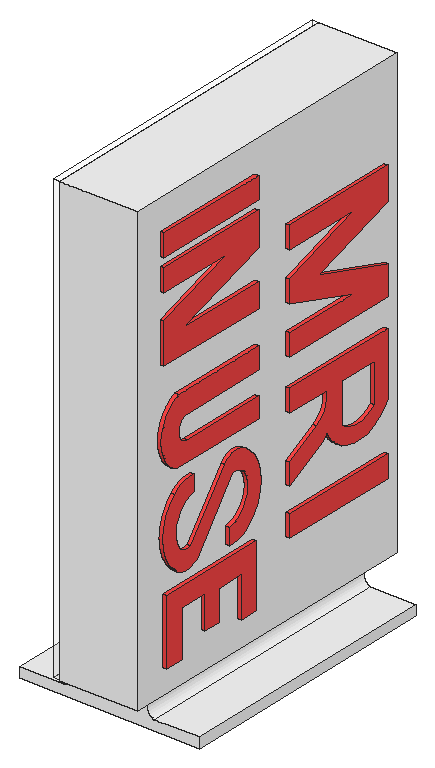
Revit family "OBN_End", category Lighting Fixtures, host Face, Revit 2021
Family settings
  Host = Face
  Round Connector Dimension = Use Diameter
  Part Type = Normal
  OmniClass Number = 23.80.70.11.21
  OmniClass Title = Emergency Lighting
  Cut with Voids When Loaded = No
  Light Source = No
  Shared = No
  Room Calculation Point = No
Parameters (values of type "OBN")
  zz Length 1 [instance] = 0.200"
  Watts = 3.72 W
  Wattage Comments = "3.72 W"
  Warranty = "Fixture: 5 Years Full; Battery: 2 Years Full, 8 Years Pro-Rata"  # constant formula
  Wall Plate Material = Black
  Voltage [instance] = if(Is 120VAC, 120 V, 277 V)  # 120 V
  URL = "https://www.currentlighting.com/lifeshield"
  Type Comments = "Exit Light"  # constant formula
  Single Side = yes
  Product Page URL = ""
  Product Documentation Link = ""
  Model = "CLS"
  Manufacturer = "Lifeshield"  # constant formula
  Load Classification = Lighting
  Lens = Red Glass
  Lamp = "LED Lamp"  # constant formula
  Is 277VAC [instance] = not(Is 120VAC)  # no
  Is 120VAC [instance] = yes
  Holder Material = Steel
  Glass = Glass
  Finish = White
  Features = "The LED panel is designed to provide bright and uniform illumination across the panel face\r\nA variety of standard messages can be selected with either red or green letters. Custom messages are available upon request\r\nExtruded aluminum body with die cast corners available in either a white or black finish\r\nObsidian is provided ready for surface, ceiling, end or wall-mounting with included canopy accessory, can also be recessed mounted with optional mounting kit\r\nLED life-cycle exceeding 10 years"  # constant formula
  End = End : C1
  Double Side = yes
  Description = "The Obsidian Message Sign provides a reliable method to communicate critical messaging. The high contrast face panel clearly communicates the message in highly visible red or green letters when the sign is energized. In the Off condition, the face becomes black without any message bleed through - eliminating any confusion."  # constant formula
  Default Elevation = 48.000"
  Certification = "CSA Listed to UL48, Standard for Electric Sign"  # constant formula
  Application = "Healthcare Commercial, Hospitality"  # constant formula
  Apparent Load = Watts  # 3.72 VA
Reference planes (in)
  plane 1 "Center (Front/Back)": y = 0
  plane 2: z = 0
  plane 3 "Center (Left/Right)": x = 0
  plane 4: x = -6.25
  plane 5: x = 6.25
  plane 6: x = -2.75
  plane 7: x = 2.75
  plane 8: z = 9.3
  plane 9: y = -1.25
  plane 10: y = 1.25
  plane 11: y = -2.2
  plane 12: y = 2.2
Forms (in)
  Extrusion 1, solid, material "White"
    sketch origin (-0.33698, -0.33698, 0) x (1, 0, 0) y (0, 0, 1)
      loop
        line (2.20258, 0) -> (2.20258, 0.24288) -> (1.0795, 0.24288)
        arc (1.0795, 0.24288) -> (0.94157, 0.42301) -> (0.97906, 0.64676) r 0.28476
        line (0.97906, 0.64676) -> (-0.97906, 0.64676)
        arc (-0.97906, 0.64676) -> (-0.94157, 0.42301) -> (-1.0795, 0.24288) r 0.28476
        line (-1.0795, 0.24288) -> (-2.20258, 0.24288) -> (-2.20258, 0) -> (2.20258, 0)
    from -3.46752 to 3.16302
Dimensions and locks (in)
  plane 4 to plane 3 "Center (Left/Right)" = 6.250"
  equal spacing: plane 4, plane 3 "Center (Left/Right)", plane 5
  equal spacing: plane 6, plane 3 "Center (Left/Right)", plane 7
  plane 6 to plane 3 "Center (Left/Right)" = 2.750"
  plane 7 to plane 6 = 5.500"
  plane 5 to plane 4 = 12.500"
  aligned and locked: plane 2 to host face
  aligned and locked: level to host face
Automatic sketch dimensions
  host sketch curve to host sketch curve = 96.000"  (x2)
  Extrusion 1 sketch curve to level = 0.000"
  plane 6 to Extrusion 1 sketch curve = 0.21043"
  level to Extrusion 1 sketch curve = 0.49173"
  Extrusion 1 sketch curve to Extrusion 1 sketch curve = 0.98467"
  Extrusion 1 sketch curve to Extrusion 1 sketch curve = 0.13842"  (x2)
  Extrusion 1 sketch curve to Extrusion 1 sketch curve = 0.23886"
  plane 3 "Center (Left/Right)" to Extrusion 1 sketch curve = 0.64208"
  Extrusion 1 sketch curve to Extrusion 1 sketch curve = 0.10044"
  level to Extrusion 1 sketch curve = 0.24288"
  Extrusion 1 sketch curve to plane 7 = 0.8844"
  Extrusion 1 sketch curve to Extrusion 1 sketch curve = 0.24288"
Nested families (in)
  nested 1: "C" at (-0.25, 0, 0.625) x (0, -1, 0) z (0, 0, 1), type "C1"
Connectors (in)
  electrical at (-0.33698, -0.18473, 0), driven by "Voltage", driven by "Apparent Load"
    settings: on Extrusion 1, index 2, voltage 120 V, apparent load 3.72 VA, apparent load phase1 0 VA, apparent load phase2 0 VA, apparent load phase3 0 VA, power factor 1, load classification "Other", number of poles 1, system type 30, power factor state 1, is connector primary yes, connector utility no, sub classification motor no, connector description ""
Definition of nested family "C"
  Parameters
    Width = 2.180"
    Single Side = yes
    Lens = none
    Glass = none
    Finish = none
    Double Side = yes
    Default Elevation = 0.000"
  Reference planes (in)
    plane 1 "Center (Front/Back)": y = 0
    plane 2: z = 0
    plane 3 "Center (Left/Right)": x = 0
    plane 4: x = 5.49
    plane 5: x = -5.49
    plane 6: z = 7.95
    plane 7: y = 1.09
    plane 8: y = -1.09
  Forms (in)
    Extrusion 1, solid, material <- "Finish"
      sketch origin (4.705, 0.02507, 5.49) x (0, 0, 1) y (-1, 0, 0)
        loop
          line (-5.49, 0.73) -> (5.49, 0.73) -> (5.49, 8.68) -> (-5.49, 8.68) -> (-5.49, 0.73)
      from -0.95 to 0.95
    Extrusion 2, solid, material <- "Lens", visible <- "Single Side"
      sketch origin (-3.89958, 0.02507, 5.49) x (0, 0, -1) y (1, 0, 0)
        loop
          line (-3.53314, 3.34728) -> (-3.53314, 0.34728) -> (-2.99224, 0.34728) -> (-2.99224, 3.34728) -> (-3.53314, 3.34728)
        loop
          line (2.81407, 3.34728) -> (2.81407, 1.35176) -> (2.16568, 3.34728) -> (1.6293, 3.34728) -> (0.9935, 1.39048) -> (0.9935, 3.34728) -> (0.4526, 3.34728) -> (0.4526, 0.34728) -> (1.18845, 0.34728) -> (1.87504, 2.4604) -> (2.56164, 0.34728) -> (3.35497, 0.34728) -> (3.35497, 3.34728) -> (2.81407, 3.34728)
        loop
          line (-0.23215, 3.34728) -> (-0.77305, 3.34728) -> (-0.77305, 2.22457)
          arc (-0.77305, 2.22457) -> (-1.14557, 2.25349) -> (-1.41817, 2.50903) r 0.56368
          line (-1.41817, 2.50903) -> (-1.85443, 3.34728) -> (-2.38453, 3.34728) -> (-1.86798, 2.35475)
          arc (-1.86798, 2.35475) -> (-1.68643, 2.2224) -> (-1.46928, 2.16476) r 0.60988
          line (-1.46928, 2.16476) -> (-1.78276, 2.16476)
          arc (-1.78276, 2.16476) -> (-2.31695, 1.25602) -> (-1.78276, 0.34728) r 1.04006
          line (-1.78276, 0.34728) -> (-0.23215, 0.34728) -> (-0.23215, 3.34728)
        loop
          line (-0.77305, 0.75116) -> (-0.77305, 1.76088) -> (-1.73228, 1.76088)
          arc (-1.73228, 1.76088) -> (-1.9323, 1.25602) -> (-1.73228, 0.75116) r 0.73713
          line (-1.73228, 0.75116) -> (-0.77305, 0.75116)
        loop
          line (4.33146, 7.19837) -> (4.33146, 4.31243) -> (4.87434, 4.31243) -> (4.87434, 7.19837) -> (4.33146, 7.19837)
        loop
          line (3.56317, 7.19837) -> (3.56317, 5.25808) -> (2.93272, 7.19837) -> (1.94064, 7.19837) -> (1.94064, 4.31243) -> (2.53418, 4.31243) -> (2.53418, 6.63709) -> (3.28951, 4.31243) -> (4.10604, 4.31243) -> (4.10604, 7.19837) -> (3.56317, 7.19837)
        loop
          line (1.13019, 4.31243) -> (1.13019, 6.75976)
          arc (1.13019, 6.75976) -> (0.466, 7.27518) -> (-0.33784, 7.02894) r 0.91276
          arc (-0.33784, 7.02894) -> (-0.44061, 6.87749) -> (-0.47675, 6.69806) r 0.46353
          line (-0.47675, 6.69806) -> (-0.47675, 4.31243) -> (0.01546, 4.31243) -> (0.01546, 6.4794)
          arc (0.01546, 6.4794) -> (0.30139, 6.76533) -> (0.58732, 6.4794) r 0.28593
          line (0.58732, 6.4794) -> (0.58732, 4.31243) -> (1.13019, 4.31243)
        loop
          line (-4.68598, 4.37493) -> (-3.12971, 4.37493) -> (-3.12971, 7.13587) -> (-4.75115, 7.13587) -> (-4.75115, 6.65284) -> (-3.61916, 6.65284) -> (-3.61916, 5.94346) -> (-4.42988, 5.94346) -> (-4.42988, 5.5381) -> (-3.67258, 5.5381) -> (-3.67258, 4.82872) -> (-4.68598, 4.82872) -> (-4.68598, 4.37493)
        loop
          line (-2.47819, 5.20089) -> (-2.88022, 5.20089)
          arc (-2.88022, 5.20089) -> (-2.84818, 4.8837) -> (-2.68766, 4.60826) r 0.75242
          arc (-2.68766, 4.60826) -> (-1.85576, 4.24188) -> (-1.02387, 4.60826) r 1.12765
          arc (-1.02387, 4.60826) -> (-0.96559, 4.68164) -> (-0.91688, 4.76169) r 0.75276
          arc (-0.91688, 4.76169) -> (-0.87475, 5.06793) -> (-1.03855, 5.33008) r 0.45373
          line (-1.03855, 5.33008) -> (-2.36791, 6.37098)
          arc (-2.36791, 6.37098) -> (-2.37045, 6.58515) -> (-2.23872, 6.75404) r 0.32375
          arc (-2.23872, 6.75404) -> (-1.60498, 6.79567) -> (-1.23334, 6.28066) r 0.65559
          line (-1.23334, 6.28066) -> (-0.83131, 6.28066)
          arc (-0.83131, 6.28066) -> (-0.86335, 6.59785) -> (-1.02387, 6.8733) r 0.75242
          arc (-1.02387, 6.8733) -> (-1.85576, 7.23967) -> (-2.68766, 6.8733) r 1.12765
          arc (-2.68766, 6.8733) -> (-2.74594, 6.79992) -> (-2.79465, 6.71987) r 0.75276
          arc (-2.79465, 6.71987) -> (-2.83676, 6.41353) -> (-2.67283, 6.15135) r 0.45373
          line (-2.67283, 6.15135) -> (-1.34362, 5.11057)
          arc (-1.34362, 5.11057) -> (-1.34108, 4.8964) -> (-1.47281, 4.72751) r 0.32375
          arc (-1.47281, 4.72751) -> (-2.10655, 4.68588) -> (-2.47819, 5.20089) r 0.65559
      from 0.95 to 1.11507
    Extrusion 3, solid, material <- "Glass"
      sketch origin (4.705, 0.02507, 5.49) x (0, 0, 1) y (-1, 0, 0)
        loop
          line (-5.49, 8.68) -> (-5.49, 0.73) -> (5.49, 0.73) -> (5.49, 8.68) -> (-5.49, 8.68)
      from 0.95 to 1.11507
    Extrusion 4, solid, material <- "Glass", not visible
      sketch origin (4.705, 0.02507, 5.49) x (0, 0, 1) y (1, 0, 0)
        loop
          line (5.49, -0.73) -> (-5.49, -0.73) -> (-5.49, -8.68) -> (5.49, -8.68) -> (5.49, -0.73)
      from 0.95 to 1.06493
    Extrusion 5, solid, material <- "Lens", visible <- "Double Side"
      sketch origin (-3.89958, -0.02507, 5.38807) x (0, 0, 1) y (1, 0, 0)
        loop
          line (-3.53314, 3.34728) -> (-3.53314, 0.34728) -> (-2.99224, 0.34728) -> (-2.99224, 3.34728) -> (-3.53314, 3.34728)
        loop
          line (2.81407, 3.34728) -> (2.81407, 1.35176) -> (2.16568, 3.34728) -> (1.6293, 3.34728) -> (0.9935, 1.39048) -> (0.9935, 3.34728) -> (0.4526, 3.34728) -> (0.4526, 0.34728) -> (1.18845, 0.34728) -> (1.87504, 2.4604) -> (2.56164, 0.34728) -> (3.35497, 0.34728) -> (3.35497, 3.34728) -> (2.81407, 3.34728)
        loop
          line (-0.23215, 3.34728) -> (-0.77305, 3.34728) -> (-0.77305, 2.22457)
          arc (-0.77305, 2.22457) -> (-1.14557, 2.25349) -> (-1.41817, 2.50903) r 0.56368
          line (-1.41817, 2.50903) -> (-1.85443, 3.34728) -> (-2.38453, 3.34728) -> (-1.86798, 2.35475)
          arc (-1.86798, 2.35475) -> (-1.68643, 2.2224) -> (-1.46928, 2.16476) r 0.60988
          line (-1.46928, 2.16476) -> (-1.78276, 2.16476)
          arc (-1.78276, 2.16476) -> (-2.31695, 1.25602) -> (-1.78276, 0.34728) r 1.04006
          line (-1.78276, 0.34728) -> (-0.23215, 0.34728) -> (-0.23215, 3.34728)
        loop
          line (-0.77305, 0.75116) -> (-0.77305, 1.76088) -> (-1.73228, 1.76088)
          arc (-1.73228, 1.76088) -> (-1.9323, 1.25602) -> (-1.73228, 0.75116) r 0.73713
          line (-1.73228, 0.75116) -> (-0.77305, 0.75116)
        loop
          line (4.33146, 7.19837) -> (4.33146, 4.31243) -> (4.87434, 4.31243) -> (4.87434, 7.19837) -> (4.33146, 7.19837)
        loop
          line (3.56317, 7.19837) -> (3.56317, 5.25808) -> (2.93272, 7.19837) -> (1.94064, 7.19837) -> (1.94064, 4.31243) -> (2.53418, 4.31243) -> (2.53418, 6.63709) -> (3.28951, 4.31243) -> (4.10604, 4.31243) -> (4.10604, 7.19837) -> (3.56317, 7.19837)
        loop
          line (1.13019, 4.31243) -> (1.13019, 6.75976)
          arc (1.13019, 6.75976) -> (0.466, 7.27518) -> (-0.33784, 7.02894) r 0.91276
          arc (-0.33784, 7.02894) -> (-0.44061, 6.87749) -> (-0.47675, 6.69806) r 0.46353
          line (-0.47675, 6.69806) -> (-0.47675, 4.31243) -> (0.01546, 4.31243) -> (0.01546, 6.4794)
          arc (0.01546, 6.4794) -> (0.30139, 6.76533) -> (0.58732, 6.4794) r 0.28593
          line (0.58732, 6.4794) -> (0.58732, 4.31243) -> (1.13019, 4.31243)
        loop
          line (-4.68598, 4.37493) -> (-3.12971, 4.37493) -> (-3.12971, 7.13587) -> (-4.75115, 7.13587) -> (-4.75115, 6.65284) -> (-3.61916, 6.65284) -> (-3.61916, 5.94346) -> (-4.42988, 5.94346) -> (-4.42988, 5.5381) -> (-3.67258, 5.5381) -> (-3.67258, 4.82872) -> (-4.68598, 4.82872) -> (-4.68598, 4.37493)
        loop
          line (-2.47819, 5.20089) -> (-2.88022, 5.20089)
          arc (-2.88022, 5.20089) -> (-2.84818, 4.8837) -> (-2.68766, 4.60826) r 0.75242
          arc (-2.68766, 4.60826) -> (-1.85576, 4.24188) -> (-1.02387, 4.60826) r 1.12765
          arc (-1.02387, 4.60826) -> (-0.96559, 4.68164) -> (-0.91688, 4.76169) r 0.75276
          arc (-0.91688, 4.76169) -> (-0.87475, 5.06793) -> (-1.03855, 5.33008) r 0.45373
          line (-1.03855, 5.33008) -> (-2.36791, 6.37098)
          arc (-2.36791, 6.37098) -> (-2.37045, 6.58515) -> (-2.23872, 6.75404) r 0.32375
          arc (-2.23872, 6.75404) -> (-1.60498, 6.79567) -> (-1.23334, 6.28066) r 0.65559
          line (-1.23334, 6.28066) -> (-0.83131, 6.28066)
          arc (-0.83131, 6.28066) -> (-0.86335, 6.59785) -> (-1.02387, 6.8733) r 0.75242
          arc (-1.02387, 6.8733) -> (-1.85576, 7.23967) -> (-2.68766, 6.8733) r 1.12765
          arc (-2.68766, 6.8733) -> (-2.74594, 6.79992) -> (-2.79465, 6.71987) r 0.75276
          arc (-2.79465, 6.71987) -> (-2.83676, 6.41353) -> (-2.67283, 6.15135) r 0.45373
          line (-2.67283, 6.15135) -> (-1.34362, 5.11057)
          arc (-1.34362, 5.11057) -> (-1.34108, 4.8964) -> (-1.47281, 4.72751) r 0.32375
          arc (-1.47281, 4.72751) -> (-2.10655, 4.68588) -> (-2.47819, 5.20089) r 0.65559
      from 0.95 to 1.11507
  Dimensions and locks (in)
    aligned and locked: plane 2 to level
    aligned and locked: Extrusion 4 to plane 7
    aligned and locked: plane 8 to Extrusion 3
    aligned and locked: plane 8 to Extrusion 2
